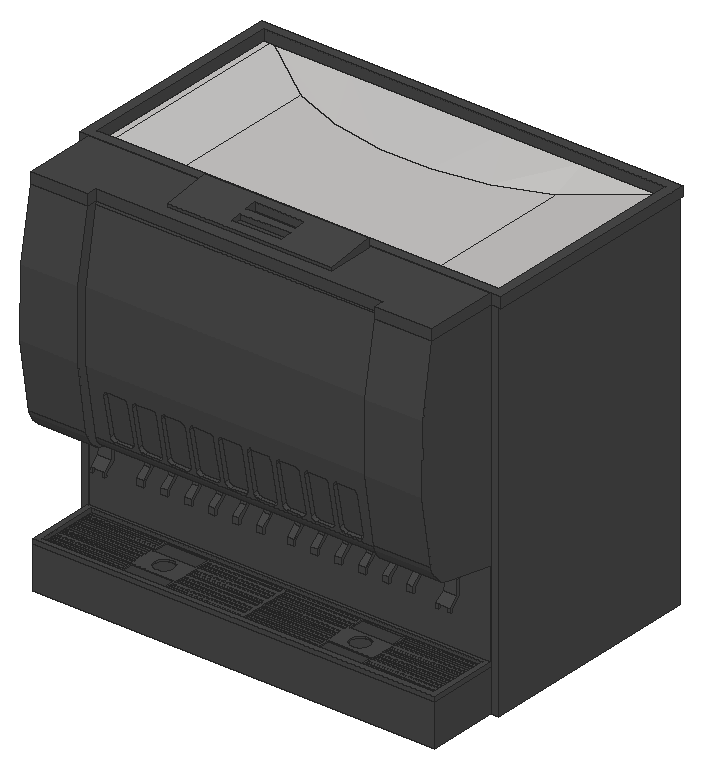
Revit family "QF_LANCER_SENSATION44", category Specialty Equipment, Revit 2015
Parameters
  Weight in Pounds = 745
  Watts = if(Phase = 3, Volts * FL Amps * 1.73, Volts * FL Amps)  # 690 W
  Waste Water Discharge Temperature = -459.67 °F
  Volts = 115 V
  URL Cutsheet = ""
  Specification by User = ""
  Specification by Manufacturer = ""
  Serial Number = ""
  Seismic Rating = ""
  SMACNA No = ""
  Revision Code = ""
  Plumbing Remarks = ""
  Plumbing Connection Type = ""
  Phase = 1
  Number of Poles = 1
  NAFEM Spec ID Number = ""
  Model = "SENSATION 44"
  Min Ckt Ampacity = 0 A
  Max Overcurrent Protection = 0 A
  Material and Finishes = QF_Plastic - Black - Matte
  Masterspec = ""
  Manufacturer = "LANCER"
  Length = 44.00"
  Item Number = ""
  Installed By = ""
  Indirect Waste Size = 1 1/2"
  Indirect Waste Connection Type = ""
  Indirect Waste Connection Height = 0.00"
  Identify Quantity as Lot = yes
  Height = 39.38"
  HP = ""
  Furnished By = ""
  Foodservice Equipment Identifier = yes
  FL Amps = 6 A
  Electrical Remarks = ""
  Electric Connection Type = ""
  Elec Conn RI Height = 0.00"
  Elec Conn Connection Height = 0.00"
  Description = "12 VALVE CHEWABLE ICE BEVERAGE DISPENSER"
  Depth = 31.13"
  Cycle = 60 Hz
  Conn Plug = ""
  Conn Conduit = yes
  Cold Water Temperature Recommended = -459.67 °F
  Cold Water Size = 3/8"
  Cold Water RI Height = 0.00"
  Cold Water Minimum Pressure = 0.00 psi
  Cold Water Maximum Pressure = 0.00 psi
  Cold Water Flow = 0 GPM
  Cold Water Consumption = ""
  Cold Water Connection Height = 0.00"
  CSI MasterFormat = ""
  Apparent Power = if(Phase = 3, Volts * FL Amps * 1.73, Volts * FL Amps)  # 690 VA
Reference planes (in)
  plane 1 "BACK": y = 0
  plane 2: z = 0
  plane 3 "LEFT": x = 0
  plane 4 "RIGHT": x = 44
  plane 5 "FRONT": y = -31.13
  plane 6 "TOP": z = 39.38
  plane 7 "Center Y": x = 22
  plane 8 "Center X": y = -15.565
  plane 9: y = -23.64038
Forms (in)
  Extrusion 1, solid, material "QF_Plastic - Black - Smooth"
    sketch origin (0, 0, 0) x (0, 1, 0) y (0, 0, 1)
      loop
        line (-23.75, 38.27297) -> (-31.44694, 38.27297)
        arc (-31.44694, 38.27297) -> (-32.90625, 27.686) -> (-31.6352, 17.07478) r 41.82941
        arc (-31.6352, 17.07478) -> (-30.76922, 15.61208) -> (-29.24743, 14.85475) r 3
        line (-29.24743, 14.85475) -> (-23.75, 13.88541) -> (-23.75, 38.27297)
    from 1 to 7
  Extrusion 2, solid, material "QF_Plastic - Black - Smooth"
    sketch origin (44, 0, 0) x (0, 1, 0) y (0, 0, -1)
      loop
        line (-23.75, -38.27297) -> (-23.75, -13.88541) -> (-29.24743, -14.85475)
        arc (-29.24743, -14.85475) -> (-30.76922, -15.61208) -> (-31.6352, -17.07478) r 3
        arc (-31.6352, -17.07478) -> (-32.90625, -27.686) -> (-31.44694, -38.27297) r 41.82941
        line (-31.44694, -38.27297) -> (-23.75, -38.27297)
    from 1 to 7
  Extrusion 3, solid, material "QF_Plastic - Black - Smooth"
    sketch origin (0, 0, 0) x (0, 1, 0) y (0, 0, 1)
      loop
        arc (-30.48639, 16.21937) -> (-29.91612, 15.28343) -> (-28.93286, 14.79928) r 1.9624
        line (-28.93286, 14.79928) -> (-23.75, 13.88541) -> (-23.75, 38.27297) -> (-30.41948, 38.27297)
        arc (-30.41948, 38.27297) -> (-30.45278, 38.18128) -> (-30.48091, 38.08787) r 1.75
        arc (-30.48091, 38.08787) -> (-31.93805, 27.15399) -> (-30.48639, 16.21937) r 41.82941
    from 7 to 37
  Extrusion 4, solid, material "QF_Plastic - Black - Smooth"
    sketch origin (0, -23.64038, 38.27297) x (0, -1, 0) y (1, 0, 0)
      loop
        line (7.80656, 1) -> (7.80656, 7) -> (6.7791, 7) -> (6.7791, 37) -> (7.80656, 37) -> (7.80656, 43) -> (0.10962, 43) -> (0.10962, 1) -> (7.80656, 1)
    from 0 to 1.10703
  Extrusion 5, solid, material "QF_Plastic - Black - Smooth"
    sketch origin (-38.39759, -180, 39.38) x (-1, 0, 0) y (0, -1, 0)
      loop
        line (-38.39759, -180) -> (-38.39759, -156.25) -> (-82.39759, -156.25) -> (-82.39759, -180) -> (-38.39759, -180)
      loop
        line (-39.39759, -179) -> (-39.39759, -157.25) -> (-81.39759, -157.25) -> (-81.39759, -179) -> (-39.39759, -179)
    from 0 to -1.10703
  Extrusion 6, solid, material "QF_Metal - Stainless - Polished"
    sketch origin (-38.39759, -180, 38.27297) x (0, -1, 0) y (-1, 0, 0)
      loop
        line (-180, -81.39759) -> (-156.25, -81.39759) -> (-156.25, -39.39759) -> (-180, -39.39759) -> (-180, -81.39759)
    from 0 to 38.27297
  Blend 7, void
    base sketch origin (-38.39759, -180, 38.27297) x (0, -1, 0) y (1, 0, 0)
      loop
        line (-157, 40.14759) -> (-157, 80.64759) -> (-179.25, 80.64759) -> (-179.25, 40.14759) -> (-157, 40.14759)
    top sketch origin (-38.39759, -180, 38.27297) x (0, -1, 0) y (1, 0, 0)
      loop
        line (-159.70427, 72.96255) -> (-175.18678, 72.96255)
        arc (-175.18678, 72.96255) -> (-172.13181, 59.64868) -> (-175.18182, 46.33367) r 30.56393
        line (-175.18182, 46.33367) -> (-159.70427, 46.33367) -> (-159.70427, 72.96255)
    from 0 to -1
  Extrusion 8, solid, material "QF_Plastic - Black - Matte" <- "Material and Finishes"
    sketch origin (0, 0, 0) x (1, 0, 0) y (0, 0, 1)
      loop
        line (0.25, 38.27297) -> (0.25, 0) -> (1, 0) -> (1, 38.27297) -> (0.25, 38.27297)
      loop
        line (43.75, 38.27297) -> (43, 38.27297) -> (43, 0) -> (43.75, 0) -> (43.75, 38.27297)
    from 0 to 23.75
  Extrusion 9, solid, material "QF_Plastic - Black - Matte"
    sketch origin (0, 0, 0) x (1, 0, 0) y (0, 1, 0)
      loop
        line (1, -23.75) -> (1, -31.13) -> (43, -31.13) -> (43, -23.75) -> (1, -23.75)
      loop
        line (1.5, -24.15076) -> (1.5, -30.63) -> (42.5, -30.63) -> (42.5, -24.15076) -> (1.5, -24.15076)
    from 4.35809 to 4.85809
  Extrusion 10, solid, material "QF_Plastic - Black - Matte" <- "Material and Finishes"
    sketch origin (0, 0, 0) x (1, 0, 0) y (0, 1, 0)
      loop
        line (1, -23.75) -> (1, -31.13) -> (43, -31.13) -> (43, -23.75) -> (1, -23.75)
      loop
        line (1.5, -24.15076) -> (1.5, -30.63) -> (42.5, -30.63) -> (42.5, -24.15076) -> (1.5, -24.15076)
    from 4.35809 to 0
  Extrusion 11, solid, material "QF_Metal - Stainless - Polished"
    sketch origin (0, 0, 0) x (0, 1, 0) y (1, 0, 0)
      loop
        line (-24.15076, 1.5) -> (-24.15076, 42.5) -> (-30.63, 42.5) -> (-30.63, 1.5) -> (-24.15076, 1.5)
    from 0 to -0.13
  Extrusion 12, solid, material "QF_Plastic - Black - Matte"
    sketch origin (0, 0, 4.35809) x (1, 0, 0) y (0, 1, 0)
      loop
        line (1.5, -30.63) -> (42.5, -30.63) -> (42.5, -24.15076) -> (1.5, -24.15076) -> (1.5, -30.63)
      loop
        circle (11.75, -27.39038) r 1
      loop
        line (1.6994, -27.26538) -> (1.6994, -27.51538) -> (9.3244, -27.51538) -> (9.3244, -27.26538) -> (1.6994, -27.26538)
      loop
        line (1.6994, -26.76538) -> (1.6994, -27.01538) -> (9.3244, -27.01538) -> (9.3244, -26.76538) -> (1.6994, -26.76538)
      loop
        line (1.6994, -26.26538) -> (1.6994, -26.51538) -> (9.3244, -26.51538) -> (9.3244, -26.26538) -> (1.6994, -26.26538)
      loop
        line (1.6994, -25.76538) -> (1.6994, -26.01538) -> (9.3244, -26.01538) -> (9.3244, -25.76538) -> (1.6994, -25.76538)
      loop
        line (1.6994, -25.26538) -> (1.6994, -25.51538) -> (9.3244, -25.51538) -> (9.3244, -25.26538) -> (1.6994, -25.26538)
      loop
        line (1.6994, -24.76538) -> (1.6994, -25.01538) -> (9.3244, -25.01538) -> (9.3244, -24.76538) -> (1.6994, -24.76538)
      loop
        line (1.6994, -24.26538) -> (1.6994, -24.51538) -> (9.3244, -24.51538) -> (9.3244, -24.26538) -> (1.6994, -24.26538)
      loop
        line (1.6994, -28.01538) -> (9.3244, -28.01538) -> (9.3244, -27.76538) -> (1.6994, -27.76538) -> (1.6994, -28.01538)
      loop
        line (1.6994, -28.51538) -> (9.3244, -28.51538) -> (9.3244, -28.26538) -> (1.6994, -28.26538) -> (1.6994, -28.51538)
      loop
        line (1.6994, -29.01538) -> (9.3244, -29.01538) -> (9.3244, -28.76538) -> (1.6994, -28.76538) -> (1.6994, -29.01538)
      loop
        line (1.6994, -29.51538) -> (9.3244, -29.51538) -> (9.3244, -29.26538) -> (1.6994, -29.26538) -> (1.6994, -29.51538)
      loop
        line (1.6994, -30.01538) -> (9.3244, -30.01538) -> (9.3244, -29.76538) -> (1.6994, -29.76538) -> (1.6994, -30.01538)
      loop
        line (1.6994, -30.51538) -> (9.3244, -30.51538) -> (9.3244, -30.26538) -> (1.6994, -30.26538) -> (1.6994, -30.51538)
      loop
        circle (32.25, -27.39038) r 1
      loop
        line (21.8006, -27.26538) -> (14.1756, -27.26538) -> (14.1756, -27.51538) -> (21.8006, -27.51538) -> (21.8006, -27.26538)
      loop
        line (21.8006, -26.76538) -> (14.1756, -26.76538) -> (14.1756, -27.01538) -> (21.8006, -27.01538) -> (21.8006, -26.76538)
      loop
        line (21.8006, -26.26538) -> (14.1756, -26.26538) -> (14.1756, -26.51538) -> (21.8006, -26.51538) -> (21.8006, -26.26538)
      loop
        line (21.8006, -25.76538) -> (14.1756, -25.76538) -> (14.1756, -26.01538) -> (21.8006, -26.01538) -> (21.8006, -25.76538)
      loop
        line (21.8006, -25.26538) -> (14.1756, -25.26538) -> (14.1756, -25.51538) -> (21.8006, -25.51538) -> (21.8006, -25.26538)
      loop
        line (21.8006, -24.76538) -> (14.1756, -24.76538) -> (14.1756, -25.01538) -> (21.8006, -25.01538) -> (21.8006, -24.76538)
      loop
        line (21.8006, -24.26538) -> (14.1756, -24.26538) -> (14.1756, -24.51538) -> (21.8006, -24.51538) -> (21.8006, -24.26538)
      loop
        line (21.8006, -28.01538) -> (21.8006, -27.76538) -> (14.1756, -27.76538) -> (14.1756, -28.01538) -> (21.8006, -28.01538)
      loop
        line (21.8006, -28.51538) -> (21.8006, -28.26538) -> (14.1756, -28.26538) -> (14.1756, -28.51538) -> (21.8006, -28.51538)
      loop
        line (21.8006, -29.01538) -> (21.8006, -28.76538) -> (14.1756, -28.76538) -> (14.1756, -29.01538) -> (21.8006, -29.01538)
      loop
        line (21.8006, -29.51538) -> (21.8006, -29.26538) -> (14.1756, -29.26538) -> (14.1756, -29.51538) -> (21.8006, -29.51538)
      loop
        line (21.8006, -30.01538) -> (21.8006, -29.76538) -> (14.1756, -29.76538) -> (14.1756, -30.01538) -> (21.8006, -30.01538)
      loop
        line (21.8006, -30.51538) -> (21.8006, -30.26538) -> (14.1756, -30.26538) -> (14.1756, -30.51538) -> (21.8006, -30.51538)
      loop
        line (22.1994, -27.26538) -> (22.1994, -27.51538) -> (29.8244, -27.51538) -> (29.8244, -27.26538) -> (22.1994, -27.26538)
      loop
        line (22.1994, -26.76538) -> (22.1994, -27.01538) -> (29.8244, -27.01538) -> (29.8244, -26.76538) -> (22.1994, -26.76538)
      loop
        line (22.1994, -26.26538) -> (22.1994, -26.51538) -> (29.8244, -26.51538) -> (29.8244, -26.26538) -> (22.1994, -26.26538)
      loop
        line (22.1994, -25.76538) -> (22.1994, -26.01538) -> (29.8244, -26.01538) -> (29.8244, -25.76538) -> (22.1994, -25.76538)
      loop
        line (22.1994, -25.26538) -> (22.1994, -25.51538) -> (29.8244, -25.51538) -> (29.8244, -25.26538) -> (22.1994, -25.26538)
      loop
        line (22.1994, -24.76538) -> (22.1994, -25.01538) -> (29.8244, -25.01538) -> (29.8244, -24.76538) -> (22.1994, -24.76538)
      loop
        line (22.1994, -24.26538) -> (22.1994, -24.51538) -> (29.8244, -24.51538) -> (29.8244, -24.26538) -> (22.1994, -24.26538)
      loop
        line (22.1994, -28.01538) -> (29.8244, -28.01538) -> (29.8244, -27.76538) -> (22.1994, -27.76538) -> (22.1994, -28.01538)
      loop
        line (22.1994, -28.51538) -> (29.8244, -28.51538) -> (29.8244, -28.26538) -> (22.1994, -28.26538) -> (22.1994, -28.51538)
      loop
        line (22.1994, -29.01538) -> (29.8244, -29.01538) -> (29.8244, -28.76538) -> (22.1994, -28.76538) -> (22.1994, -29.01538)
      loop
        line (22.1994, -29.51538) -> (29.8244, -29.51538) -> (29.8244, -29.26538) -> (22.1994, -29.26538) -> (22.1994, -29.51538)
      loop
        line (22.1994, -30.01538) -> (29.8244, -30.01538) -> (29.8244, -29.76538) -> (22.1994, -29.76538) -> (22.1994, -30.01538)
      loop
        line (22.1994, -30.51538) -> (29.8244, -30.51538) -> (29.8244, -30.26538) -> (22.1994, -30.26538) -> (22.1994, -30.51538)
      loop
        line (42.3006, -27.26538) -> (34.6756, -27.26538) -> (34.6756, -27.51538) -> (42.3006, -27.51538) -> (42.3006, -27.26538)
      loop
        line (42.3006, -26.76538) -> (34.6756, -26.76538) -> (34.6756, -27.01538) -> (42.3006, -27.01538) -> (42.3006, -26.76538)
      loop
        line (42.3006, -26.26538) -> (34.6756, -26.26538) -> (34.6756, -26.51538) -> (42.3006, -26.51538) -> (42.3006, -26.26538)
      loop
        line (42.3006, -25.76538) -> (34.6756, -25.76538) -> (34.6756, -26.01538) -> (42.3006, -26.01538) -> (42.3006, -25.76538)
      loop
        line (42.3006, -25.26538) -> (34.6756, -25.26538) -> (34.6756, -25.51538) -> (42.3006, -25.51538) -> (42.3006, -25.26538)
      loop
        line (42.3006, -24.76538) -> (34.6756, -24.76538) -> (34.6756, -25.01538) -> (42.3006, -25.01538) -> (42.3006, -24.76538)
      loop
        line (42.3006, -24.26538) -> (34.6756, -24.26538) -> (34.6756, -24.51538) -> (42.3006, -24.51538) -> (42.3006, -24.26538)
      loop
        line (42.3006, -28.01538) -> (42.3006, -27.76538) -> (34.6756, -27.76538) -> (34.6756, -28.01538) -> (42.3006, -28.01538)
      loop
        line (42.3006, -28.51538) -> (42.3006, -28.26538) -> (34.6756, -28.26538) -> (34.6756, -28.51538) -> (42.3006, -28.51538)
      loop
        line (42.3006, -29.01538) -> (42.3006, -28.76538) -> (34.6756, -28.76538) -> (34.6756, -29.01538) -> (42.3006, -29.01538)
      loop
        line (42.3006, -29.51538) -> (42.3006, -29.26538) -> (34.6756, -29.26538) -> (34.6756, -29.51538) -> (42.3006, -29.51538)
      loop
        line (42.3006, -30.01538) -> (42.3006, -29.76538) -> (34.6756, -29.76538) -> (34.6756, -30.01538) -> (42.3006, -30.01538)
      loop
        line (42.3006, -30.51538) -> (42.3006, -30.26538) -> (34.6756, -30.26538) -> (34.6756, -30.51538) -> (42.3006, -30.51538)
      loop
        line (9.50184, -24.26538) -> (9.50184, -26.01538) -> (13.99816, -26.01538) -> (13.99816, -24.26538) -> (9.50184, -24.26538)
      loop
        line (9.50184, -28.76538) -> (9.50184, -30.51538) -> (13.99816, -30.51538) -> (13.99816, -28.76538) -> (9.50184, -28.76538)
      loop
        line (34.49816, -24.26538) -> (30.00184, -24.26538) -> (30.00184, -26.01538) -> (34.49816, -26.01538) -> (34.49816, -24.26538)
      loop
        line (34.49816, -28.76538) -> (30.00184, -28.76538) -> (30.00184, -30.51538) -> (34.49816, -30.51538) -> (34.49816, -28.76538)
    from 0 to 0.13
  Extrusion 13, solid, material "QF_Plastic - Black - Smooth"
    sketch origin (0, 0, 0) x (0, 1, 0) y (0, 0, 1)
      loop
        line (-24.41209, 14.00215) -> (-24.74723, 11.27265) -> (-25.70479, 10.46917) -> (-25.70479, 9.83614) -> (-25.54409, 9.83614) -> (-25.54409, 10.27765) -> (-24.5111, 11.14444) -> (-24.16555, 13.95868) -> (-24.41209, 14.00215)
    from 7.58687 to 8.23447
  Revolve 14, solid, material "QF_Plastic - Black - Smooth"
    sketch origin (0, -27.125, 0) x (1, 0, 0) y (0, 0, 1)
      loop
        line (7.21787, 14.57842) -> (7.42608, 13.97374) -> (7.79382, 13.97374) -> (7.79382, 16.02395) -> (7.21787, 16.02395) -> (7.21787, 14.57842)
      axis (7.91067, 13.97374) -> (7.91067, 16.02395)
    angle from 0 to 360
  Extrusion 15, solid, material "QF_Plastic - Black - Smooth", not visible
    sketch origin (0, 0, 0) x (0, 1, 0) y (0, 0, 1)
      loop
        line (-24.41209, 14.00215) -> (-24.74723, 11.27265) -> (-25.70479, 10.46917) -> (-25.70479, 9.83614) -> (-25.54409, 9.83614) -> (-25.54409, 10.27765) -> (-24.5111, 11.14444) -> (-24.16555, 13.95868) -> (-24.41209, 14.00215)
    from 7.58687 to 8.23447
  Revolve 16, solid, material "QF_Plastic - Black - Smooth", not visible
    sketch origin (0, -27.125, 0) x (1, 0, 0) y (0, 0, 1)
      loop
        line (7.21787, 14.57842) -> (7.42608, 13.97374) -> (7.79382, 13.97374) -> (7.79382, 16.02395) -> (7.21787, 16.02395) -> (7.21787, 14.57842)
      axis (7.91067, 13.97374) -> (7.91067, 16.02395)
    angle from 0 to 360
  Extrusion 17, solid, material "QF_Plastic - Black - Smooth"
    sketch origin (2.5, 0, 0) x (0, 1, 0) y (0, 0, 1)
      loop
        line (-24.41209, 14.00215) -> (-24.74723, 11.27265) -> (-25.70479, 10.46917) -> (-25.70479, 9.83614) -> (-25.54409, 9.83614) -> (-25.54409, 10.27765) -> (-24.5111, 11.14444) -> (-24.16555, 13.95868) -> (-24.41209, 14.00215)
    from 7.58687 to 8.23447
  Revolve 18, solid, material "QF_Plastic - Black - Smooth"
    sketch origin (2.5, -27.125, 0) x (1, 0, 0) y (0, 0, 1)
      loop
        line (7.21787, 14.57842) -> (7.42608, 13.97374) -> (7.79382, 13.97374) -> (7.79382, 16.02395) -> (7.21787, 16.02395) -> (7.21787, 14.57842)
      axis (7.91067, 13.97374) -> (7.91067, 16.02395)
    angle from 0 to 360
  Extrusion 19, solid, material "QF_Plastic - Black - Smooth"
    sketch origin (5, 0, 0) x (0, 1, 0) y (0, 0, 1)
      loop
        line (-24.41209, 14.00215) -> (-24.74723, 11.27265) -> (-25.70479, 10.46917) -> (-25.70479, 9.83614) -> (-25.54409, 9.83614) -> (-25.54409, 10.27765) -> (-24.5111, 11.14444) -> (-24.16555, 13.95868) -> (-24.41209, 14.00215)
    from 7.58687 to 8.23447
  Revolve 20, solid, material "QF_Plastic - Black - Smooth"
    sketch origin (5, -27.125, 0) x (1, 0, 0) y (0, 0, 1)
      loop
        line (7.21787, 14.57842) -> (7.42608, 13.97374) -> (7.79382, 13.97374) -> (7.79382, 16.02395) -> (7.21787, 16.02395) -> (7.21787, 14.57842)
      axis (7.91067, 13.97374) -> (7.91067, 16.02395)
    angle from 0 to 360
  Extrusion 21, solid, material "QF_Plastic - Black - Smooth"
    sketch origin (7.5, 0, 0) x (0, 1, 0) y (0, 0, 1)
      loop
        line (-24.41209, 14.00215) -> (-24.74723, 11.27265) -> (-25.70479, 10.46917) -> (-25.70479, 9.83614) -> (-25.54409, 9.83614) -> (-25.54409, 10.27765) -> (-24.5111, 11.14444) -> (-24.16555, 13.95868) -> (-24.41209, 14.00215)
    from 7.58687 to 8.23447
  Revolve 22, solid, material "QF_Plastic - Black - Smooth"
    sketch origin (7.5, -27.125, 0) x (1, 0, 0) y (0, 0, 1)
      loop
        line (7.21787, 14.57842) -> (7.42608, 13.97374) -> (7.79382, 13.97374) -> (7.79382, 16.02395) -> (7.21787, 16.02395) -> (7.21787, 14.57842)
      axis (7.91067, 13.97374) -> (7.91067, 16.02395)
    angle from 0 to 360
  Extrusion 23, solid, material "QF_Plastic - Black - Smooth"
    sketch origin (10, 0, 0) x (0, 1, 0) y (0, 0, 1)
      loop
        line (-24.41209, 14.00215) -> (-24.74723, 11.27265) -> (-25.70479, 10.46917) -> (-25.70479, 9.83614) -> (-25.54409, 9.83614) -> (-25.54409, 10.27765) -> (-24.5111, 11.14444) -> (-24.16555, 13.95868) -> (-24.41209, 14.00215)
    from 7.58687 to 8.23447
  Revolve 24, solid, material "QF_Plastic - Black - Smooth"
    sketch origin (10, -27.125, 0) x (1, 0, 0) y (0, 0, 1)
      loop
        line (7.21787, 14.57842) -> (7.42608, 13.97374) -> (7.79382, 13.97374) -> (7.79382, 16.02395) -> (7.21787, 16.02395) -> (7.21787, 14.57842)
      axis (7.91067, 13.97374) -> (7.91067, 16.02395)
    angle from 0 to 360
  Extrusion 25, solid, material "QF_Plastic - Black - Smooth"
    sketch origin (12.5, 0, 0) x (0, 1, 0) y (0, 0, 1)
      loop
        line (-24.41209, 14.00215) -> (-24.74723, 11.27265) -> (-25.70479, 10.46917) -> (-25.70479, 9.83614) -> (-25.54409, 9.83614) -> (-25.54409, 10.27765) -> (-24.5111, 11.14444) -> (-24.16555, 13.95868) -> (-24.41209, 14.00215)
    from 7.58687 to 8.23447
  Revolve 26, solid, material "QF_Plastic - Black - Smooth"
    sketch origin (12.5, -27.125, 0) x (1, 0, 0) y (0, 0, 1)
      loop
        line (7.21787, 14.57842) -> (7.42608, 13.97374) -> (7.79382, 13.97374) -> (7.79382, 16.02395) -> (7.21787, 16.02395) -> (7.21787, 14.57842)
      axis (7.91067, 13.97374) -> (7.91067, 16.02395)
    angle from 0 to 360
  Extrusion 27, solid, material "QF_Plastic - Black - Smooth"
    sketch origin (28.17866, 0, 0) x (0, 1, 0) y (0, 0, 1)
      loop
        line (-24.41209, 14.00215) -> (-24.74723, 11.27265) -> (-25.70479, 10.46917) -> (-25.70479, 9.83614) -> (-25.54409, 9.83614) -> (-25.54409, 10.27765) -> (-24.5111, 11.14444) -> (-24.16555, 13.95868) -> (-24.41209, 14.00215)
    from 7.58687 to 8.23447
  Revolve 28, solid, material "QF_Plastic - Black - Smooth"
    sketch origin (28.17866, -27.125, 0) x (1, 0, 0) y (0, 0, 1)
      loop
        line (7.21787, 14.57842) -> (7.42608, 13.97374) -> (7.79382, 13.97374) -> (7.79382, 16.02395) -> (7.21787, 16.02395) -> (7.21787, 14.57842)
      axis (7.91067, 13.97374) -> (7.91067, 16.02395)
    angle from 0 to 360
  Extrusion 29, solid, material "QF_Plastic - Black - Smooth"
    sketch origin (25.67866, 0, 0) x (0, 1, 0) y (0, 0, 1)
      loop
        line (-24.41209, 14.00215) -> (-24.74723, 11.27265) -> (-25.70479, 10.46917) -> (-25.70479, 9.83614) -> (-25.54409, 9.83614) -> (-25.54409, 10.27765) -> (-24.5111, 11.14444) -> (-24.16555, 13.95868) -> (-24.41209, 14.00215)
    from 7.58687 to 8.23447
  Revolve 30, solid, material "QF_Plastic - Black - Smooth"
    sketch origin (25.67866, -27.125, 0) x (1, 0, 0) y (0, 0, 1)
      loop
        line (7.21787, 14.57842) -> (7.42608, 13.97374) -> (7.79382, 13.97374) -> (7.79382, 16.02395) -> (7.21787, 16.02395) -> (7.21787, 14.57842)
      axis (7.91067, 13.97374) -> (7.91067, 16.02395)
    angle from 0 to 360
  Extrusion 31, solid, material "QF_Plastic - Black - Smooth"
    sketch origin (23.17866, 0, 0) x (0, 1, 0) y (0, 0, 1)
      loop
        line (-24.41209, 14.00215) -> (-24.74723, 11.27265) -> (-25.70479, 10.46917) -> (-25.70479, 9.83614) -> (-25.54409, 9.83614) -> (-25.54409, 10.27765) -> (-24.5111, 11.14444) -> (-24.16555, 13.95868) -> (-24.41209, 14.00215)
    from 7.58687 to 8.23447
  Revolve 32, solid, material "QF_Plastic - Black - Smooth"
    sketch origin (23.17866, -27.125, 0) x (1, 0, 0) y (0, 0, 1)
      loop
        line (7.21787, 14.57842) -> (7.42608, 13.97374) -> (7.79382, 13.97374) -> (7.79382, 16.02395) -> (7.21787, 16.02395) -> (7.21787, 14.57842)
      axis (7.91067, 13.97374) -> (7.91067, 16.02395)
    angle from 0 to 360
  Extrusion 33, solid, material "QF_Plastic - Black - Smooth"
    sketch origin (20.67866, 0, 0) x (0, 1, 0) y (0, 0, 1)
      loop
        line (-24.41209, 14.00215) -> (-24.74723, 11.27265) -> (-25.70479, 10.46917) -> (-25.70479, 9.83614) -> (-25.54409, 9.83614) -> (-25.54409, 10.27765) -> (-24.5111, 11.14444) -> (-24.16555, 13.95868) -> (-24.41209, 14.00215)
    from 7.58687 to 8.23447
  Revolve 34, solid, material "QF_Plastic - Black - Smooth"
    sketch origin (20.67866, -27.125, 0) x (1, 0, 0) y (0, 0, 1)
      loop
        line (7.21787, 14.57842) -> (7.42608, 13.97374) -> (7.79382, 13.97374) -> (7.79382, 16.02395) -> (7.21787, 16.02395) -> (7.21787, 14.57842)
      axis (7.91067, 13.97374) -> (7.91067, 16.02395)
    angle from 0 to 360
  Extrusion 35, solid, material "QF_Plastic - Black - Smooth"
    sketch origin (18.17866, 0, 0) x (0, 1, 0) y (0, 0, 1)
      loop
        line (-24.41209, 14.00215) -> (-24.74723, 11.27265) -> (-25.70479, 10.46917) -> (-25.70479, 9.83614) -> (-25.54409, 9.83614) -> (-25.54409, 10.27765) -> (-24.5111, 11.14444) -> (-24.16555, 13.95868) -> (-24.41209, 14.00215)
    from 7.58687 to 8.23447
  Revolve 36, solid, material "QF_Plastic - Black - Smooth"
    sketch origin (18.17866, -27.125, 0) x (1, 0, 0) y (0, 0, 1)
      loop
        line (7.21787, 14.57842) -> (7.42608, 13.97374) -> (7.79382, 13.97374) -> (7.79382, 16.02395) -> (7.21787, 16.02395) -> (7.21787, 14.57842)
      axis (7.91067, 13.97374) -> (7.91067, 16.02395)
    angle from 0 to 360
  Extrusion 37, solid, material "QF_Plastic - Black - Smooth"
    sketch origin (15.67866, 0, 0) x (0, 1, 0) y (0, 0, 1)
      loop
        line (-24.41209, 14.00215) -> (-24.74723, 11.27265) -> (-25.70479, 10.46917) -> (-25.70479, 9.83614) -> (-25.54409, 9.83614) -> (-25.54409, 10.27765) -> (-24.5111, 11.14444) -> (-24.16555, 13.95868) -> (-24.41209, 14.00215)
    from 7.58687 to 8.23447
  Revolve 38, solid, material "QF_Plastic - Black - Smooth"
    sketch origin (15.67866, -27.125, 0) x (1, 0, 0) y (0, 0, 1)
      loop
        line (7.21787, 14.57842) -> (7.42608, 13.97374) -> (7.79382, 13.97374) -> (7.79382, 16.02395) -> (7.21787, 16.02395) -> (7.21787, 14.57842)
      axis (7.91067, 13.97374) -> (7.91067, 16.02395)
    angle from 0 to 360
  Extrusion 39, solid, material "QF_Plastic - Black - Smooth"
    sketch origin (0, 0, 0) x (0, 1, 0) y (0, 0, 1)
      loop
        line (-25.02385, 14.11002) -> (-25.40646, 10.99393) -> (-26.32979, 10.21917) -> (-26.32979, 9.58614) -> (-26.16909, 9.58614) -> (-26.16909, 10.02765) -> (-25.17032, 10.86572) -> (-24.77731, 14.06655) -> (-25.02385, 14.11002)
    from 3.08521 to 4.8212
  Extrusion 40, void
    sketch origin (0, 0, 0) x (1, 0, 0) y (0, 0, 1)
      loop
        line (3.17354, 9.77447) -> (3.48744, 14.26351) -> (2.83741, 14.26351) -> (2.83741, 9.26351) -> (5.069, 9.26351) -> (5.069, 14.26351) -> (4.41896, 14.26351) -> (4.73287, 9.77447) -> (4.44928, 9.77447) -> (4.44928, 10.21917) -> (3.45713, 10.21917) -> (3.45713, 9.77447) -> (3.17354, 9.77447)
      loop
        line (40.82646, 9.77447) -> (40.54287, 9.77447) -> (40.54287, 10.21917) -> (39.55072, 10.21917) -> (39.55072, 9.77447) -> (39.26713, 9.77447) -> (39.58104, 14.26351) -> (38.931, 14.26351) -> (38.931, 9.26351) -> (41.16259, 9.26351) -> (41.16259, 14.26351) -> (40.51256, 14.26351) -> (40.82646, 9.77447)
    from 23.64038 to 27.16426
  Extrusion 41, solid, material "QF_Plastic - Black - Smooth"
    sketch origin (-0.04072, 0, 0) x (1, 0, 0) y (0, 0, 1)
      loop
        line (2.61892, 13.86608) -> (5.36892, 13.86608) -> (5.36892, 15.36608) -> (2.61892, 15.36608) -> (2.61892, 13.86608)
    from 23.75 to 25.70479
  Extrusion 42, solid, material "QF_Plastic - Black - Smooth"
    sketch origin (44, 0, 0) x (0, 1, 0) y (0, 0, -1)
      loop
        line (-25.02385, -14.11002) -> (-24.77731, -14.06655) -> (-25.17032, -10.86572) -> (-26.16909, -10.02765) -> (-26.16909, -9.58614) -> (-26.32979, -9.58614) -> (-26.32979, -10.21917) -> (-25.40646, -10.99393) -> (-25.02385, -14.11002)
    from 3.08521 to 4.8212
  Extrusion 43, solid, material "QF_Plastic - Black - Smooth"
    sketch origin (44.04072, 0, 0) x (-1, 0, 0) y (0, 0, -1)
      loop
        line (2.61892, -13.86608) -> (2.61892, -15.36608) -> (5.36892, -15.36608) -> (5.36892, -13.86608) -> (2.61892, -13.86608)
    from 23.75 to 25.70479
  Extrusion 44, void
    sketch origin (0, -27.104, 1.69038) x (1, 0, 0) y (0, -0.207912, 0.978148)
      loop
        arc (21.25, 20.39617) -> (20.89645, 20.24972) -> (20.75, 19.89617) r 0.5
        line (20.75, 19.89617) -> (20.75, 15.64617)
        arc (20.75, 15.64617) -> (20.89645, 15.29261) -> (21.25, 15.14617) r 0.5
        line (21.25, 15.14617) -> (22.75, 15.14617)
        arc (22.75, 15.14617) -> (23.10355, 15.29261) -> (23.25, 15.64617) r 0.5
        line (23.25, 15.64617) -> (23.25, 19.89617)
        arc (23.25, 19.89617) -> (23.10355, 20.24972) -> (22.75, 20.39617) r 0.5
        line (22.75, 20.39617) -> (21.25, 20.39617)
      loop
        arc (18.25, 20.39617) -> (17.89645, 20.24972) -> (17.75, 19.89617) r 0.5
        line (17.75, 19.89617) -> (17.75, 15.64617)
        arc (17.75, 15.64617) -> (17.89645, 15.29261) -> (18.25, 15.14617) r 0.5
        line (18.25, 15.14617) -> (19.75, 15.14617)
        arc (19.75, 15.14617) -> (20.10355, 15.29261) -> (20.25, 15.64617) r 0.5
        line (20.25, 15.64617) -> (20.25, 19.89617)
        arc (20.25, 19.89617) -> (20.10355, 20.24972) -> (19.75, 20.39617) r 0.5
        line (19.75, 20.39617) -> (18.25, 20.39617)
      loop
        arc (15.25, 20.39617) -> (14.89645, 20.24972) -> (14.75, 19.89617) r 0.5
        line (14.75, 19.89617) -> (14.75, 15.64617)
        arc (14.75, 15.64617) -> (14.89645, 15.29261) -> (15.25, 15.14617) r 0.5
        line (15.25, 15.14617) -> (16.75, 15.14617)
        arc (16.75, 15.14617) -> (17.10355, 15.29261) -> (17.25, 15.64617) r 0.5
        line (17.25, 15.64617) -> (17.25, 19.89617)
        arc (17.25, 19.89617) -> (17.10355, 20.24972) -> (16.75, 20.39617) r 0.5
        line (16.75, 20.39617) -> (15.25, 20.39617)
      loop
        arc (12.25, 20.39617) -> (11.89645, 20.24972) -> (11.75, 19.89617) r 0.5
        line (11.75, 19.89617) -> (11.75, 15.64617)
        arc (11.75, 15.64617) -> (11.89645, 15.29261) -> (12.25, 15.14617) r 0.5
        line (12.25, 15.14617) -> (13.75, 15.14617)
        arc (13.75, 15.14617) -> (14.10355, 15.29261) -> (14.25, 15.64617) r 0.5
        line (14.25, 15.64617) -> (14.25, 19.89617)
        arc (14.25, 19.89617) -> (14.10355, 20.24972) -> (13.75, 20.39617) r 0.5
        line (13.75, 20.39617) -> (12.25, 20.39617)
      loop
        arc (9.25, 20.39617) -> (8.89645, 20.24972) -> (8.75, 19.89617) r 0.5
        line (8.75, 19.89617) -> (8.75, 15.64617)
        arc (8.75, 15.64617) -> (8.89645, 15.29261) -> (9.25, 15.14617) r 0.5
        line (9.25, 15.14617) -> (10.75, 15.14617)
        arc (10.75, 15.14617) -> (11.10355, 15.29261) -> (11.25, 15.64617) r 0.5
        line (11.25, 15.64617) -> (11.25, 19.89617)
        arc (11.25, 19.89617) -> (11.10355, 20.24972) -> (10.75, 20.39617) r 0.5
        line (10.75, 20.39617) -> (9.25, 20.39617)
      loop
        line (25.75, 20.39617) -> (24.25, 20.39617)
        arc (24.25, 20.39617) -> (23.89645, 20.24972) -> (23.75, 19.89617) r 0.5
        line (23.75, 19.89617) -> (23.75, 15.64617)
        arc (23.75, 15.64617) -> (23.89645, 15.29261) -> (24.25, 15.14617) r 0.5
        line (24.25, 15.14617) -> (25.75, 15.14617)
        arc (25.75, 15.14617) -> (26.10355, 15.29261) -> (26.25, 15.64617) r 0.5
        line (26.25, 15.64617) -> (26.25, 19.89617)
        arc (26.25, 19.89617) -> (26.10355, 20.24972) -> (25.75, 20.39617) r 0.5
      loop
        line (28.75, 20.39617) -> (27.25, 20.39617)
        arc (27.25, 20.39617) -> (26.89645, 20.24972) -> (26.75, 19.89617) r 0.5
        line (26.75, 19.89617) -> (26.75, 15.64617)
        arc (26.75, 15.64617) -> (26.89645, 15.29261) -> (27.25, 15.14617) r 0.5
        line (27.25, 15.14617) -> (28.75, 15.14617)
        arc (28.75, 15.14617) -> (29.10355, 15.29261) -> (29.25, 15.64617) r 0.5
        line (29.25, 15.64617) -> (29.25, 19.89617)
        arc (29.25, 19.89617) -> (29.10355, 20.24972) -> (28.75, 20.39617) r 0.5
      loop
        line (31.75, 20.39617) -> (30.25, 20.39617)
        arc (30.25, 20.39617) -> (29.89645, 20.24972) -> (29.75, 19.89617) r 0.5
        line (29.75, 19.89617) -> (29.75, 15.64617)
        arc (29.75, 15.64617) -> (29.89645, 15.29261) -> (30.25, 15.14617) r 0.5
        line (30.25, 15.14617) -> (31.75, 15.14617)
        arc (31.75, 15.14617) -> (32.10355, 15.29261) -> (32.25, 15.64617) r 0.5
        line (32.25, 15.64617) -> (32.25, 19.89617)
        arc (32.25, 19.89617) -> (32.10355, 20.24972) -> (31.75, 20.39617) r 0.5
      loop
        line (34.75, 20.39617) -> (33.25, 20.39617)
        arc (33.25, 20.39617) -> (32.89645, 20.24972) -> (32.75, 19.89617) r 0.5
        line (32.75, 19.89617) -> (32.75, 15.64617)
        arc (32.75, 15.64617) -> (32.89645, 15.29261) -> (33.25, 15.14617) r 0.5
        line (33.25, 15.14617) -> (34.75, 15.14617)
        arc (34.75, 15.14617) -> (35.10355, 15.29261) -> (35.25, 15.64617) r 0.5
        line (35.25, 15.64617) -> (35.25, 19.89617)
        arc (35.25, 19.89617) -> (35.10355, 20.24972) -> (34.75, 20.39617) r 0.5
    from -0.09913 to 1.59344
  Extrusion 45, solid, material "QF_Plastic - Black - Smooth"
    sketch origin (0, -23.64038, 39.38) x (0, -1, 0) y (1, 0, 0)
      loop
        line (1.48462, 19.375) -> (2.60606, 19.375) -> (2.60606, 24.625) -> (1.48462, 24.625) -> (1.48462, 19.375)
      loop
        line (3.35701, 19.375) -> (4.47845, 19.375) -> (4.47845, 24.625) -> (3.35701, 24.625) -> (3.35701, 19.375)
      loop
        line (0.50625, 13.43322) -> (5.375, 13.43322) -> (5.375, 30.56678) -> (0.50625, 30.56678) -> (0.50625, 13.43322)
    from 0 to 1
  Extrusion 46, void
    sketch origin (0, 0, 0) x (0, 1, 0) y (0, 0, 1)
      loop
        line (-23.78944, 40.41479) -> (-23.78944, 40.89934) -> (-29.23592, 40.89934) -> (-29.23592, 39.64934) -> (-23.78944, 40.41479)
    from 12.58687 to 31.8212
  Extrusion 47, solid, material "QF_Metal - Stainless - Polished"
    sketch origin (0, 0, 0) x (-1, 0, 0) y (0, 0, 1)
      loop
        circle (-22, 19.69) r 0.5
      loop
        circle (-22, 17.79376) r 0.1875
      loop
        circle (-22, 17.04376) r 0.1875
    from 0 to 0.13
  Extrusion 48, void
    sketch origin (0, 0, 0) x (-1, 0, 0) y (0, 1, 0)
      loop
        circle (-22, -27.38519) r 0.75
    from 0 to -0.13
Cuts and joins
  Extrusion 40 cuts Extrusion 42
  joined: Extrusion 2, Extrusion 42, Extrusion 43
  Extrusion 44 cuts Extrusion 3
  Extrusion 46 cuts Extrusion 45
  Extrusion 48 cuts Extrusion 10
  Extrusion 48 cuts Extrusion 11
  Blend 7 cuts Extrusion 6
  Extrusion 40 cuts Extrusion 39
Lines and regions (in)
  symbolic lines
    curve 1: line (0, -23.75, 0) -> (43.75, -23.75, 0)
    curve 2: line (0, 0, 0) -> (0, -23.75, 0)
    curve 3: line (43.75, 0, 0) -> (0, 0, 0)
    curve 4: line (43.75, -23.75, 0) -> (43.75, 0, 0)
    curve 5: line (1, -1, 0) -> (43, -1, 0)
    curve 6: line (1, -22.75, 0) -> (1, -1, 0)
    curve 7: line (43, -22.75, 0) -> (1, -22.75, 0)
    curve 8: line (43, -1, 0) -> (43, -22.75, 0)
    curve 9: line (1.75, -22.75, 0) -> (1.75, -1, 0)
    curve 10: line (7.93608, -20.29534, 0) -> (2.32188, -22.75, 0)
    curve 11: line (41.53955, -22.75, 0) -> (34.5592, -20.29573, 0)
    curve 12: line (42.25, -22.75, 0) -> (42.25, -1, 0)
    curve 13: line (13.43322, -29.01538, 0) -> (30.56678, -29.01538, 0)
    curve 14: line (13.43322, -24.03701, 0) -> (13.43322, -29.01538, 0)
    curve 15: line (30.56678, -24.03701, 0) -> (13.43322, -24.03701, 0)
    curve 16: line (30.56678, -29.01538, 0) -> (30.56678, -24.03701, 0)
    curve 17: line (19.375, -25.01538, 0) -> (24.625, -25.01538, 0)
    curve 18: line (19.375, -26.13682, 0) -> (19.375, -25.01538, 0)
    curve 19: line (24.625, -26.13682, 0) -> (19.375, -26.13682, 0)
    curve 20: line (24.625, -25.01538, 0) -> (24.625, -26.13682, 0)
    curve 21: line (19.375, -26.88776, 0) -> (24.625, -26.88776, 0)
    curve 22: line (19.375, -28.0092, 0) -> (19.375, -26.88776, 0)
    curve 23: line (24.625, -28.0092, 0) -> (19.375, -28.0092, 0)
    curve 24: line (24.625, -26.88776, 0) -> (24.625, -28.0092, 0)
    curve 25: line (1, -23.75, 0) -> (1, -32.9079, 0)
    curve 26: line (7, -32.9079, 0) -> (1, -32.9079, 0)
    curve 27: line (1, -31.44694, 0) -> (7, -31.44694, 0)
    curve 28: line (7, -32.9079, 0) -> (7, -30.41948, 0)
    curve 29: line (37, -32.9079, 0) -> (37, -30.41948, 0)
    curve 30: line (7, -30.41948, 0) -> (37, -30.41948, 0)
    curve 31: line (7, -31.93805, 0) -> (37, -31.93805, 0)
    curve 32: line (43, -23.75, 0) -> (43, -32.9079, 0)
    curve 33: line (37, -32.9079, 0) -> (43, -32.9079, 0)
    curve 34: line (43, -31.44694, 0) -> (37, -31.44694, 0)
    curve 35: arc (34.5592, -4.81429, 0) -> (21.24818, -7.8679, 0) -> (7.93608, -4.81902, 0) r 30.5626
    curve 36: line (34.5592, -4.81429, 0) -> (41.77716, -1, 0)
    curve 37: line (34.5592, -20.29573, 0) -> (34.5592, -4.81429, 0)
    curve 38: line (7.93608, -4.81902, 0) -> (7.93608, -20.29534, 0)
    curve 39: line (2.13015, -1, 0) -> (7.93608, -4.81902, 0)
    curve 40: line (7.93608, -20.29573, 0) -> (34.5592, -20.29573, 0)
Dimensions and locks (in)
  equal spacing: plane 3 "LEFT", plane 7 "Center Y", plane 4 "RIGHT"
  "Length": plane 3 "LEFT" to plane 4 "RIGHT"
  equal spacing: plane 5 "FRONT", plane 8 "Center X", plane 1 "BACK"
  "Depth": plane 5 "FRONT" to plane 1 "BACK"
  "Height": plane 6 "TOP" to level
  plane 6 "TOP" to level = 39.38"
  equal spacing: plane 6 "TOP", Extrusion 47 sketch curve, level
  Extrusion 8 to plane 1 "BACK" = 23.75"
  plane 5 "FRONT" to plane 1 "BACK" = 31.13"
  aligned and locked: level to plane 2
Automatic sketch dimensions
  Revolve 14 sketch curve to Revolve 14 sketch curve = 0.20821"
  Revolve 14 sketch curve to Revolve 14 sketch curve = 0.36774"
  Revolve 14 sketch curve to Revolve 14 sketch curve = 0.60468"
  Revolve 14 sketch curve to Revolve 14 sketch curve = 0.11685"
  Revolve 14 sketch curve to Revolve 14 sketch curve = 4.1376"
  Revolve 14 sketch curve to Revolve 14 sketch curve = 0.91817"
  Revolve 14 sketch curve to Revolve 14 sketch curve = 0.52736"
  Revolve 16 sketch curve to Revolve 16 sketch curve = 0.20821"
  Revolve 16 sketch curve to Revolve 16 sketch curve = 0.36774"
  Revolve 16 sketch curve to Revolve 16 sketch curve = 0.60468"
  Revolve 16 sketch curve to Revolve 16 sketch curve = 0.11685"
  Revolve 16 sketch curve to Revolve 16 sketch curve = 4.1376"
  Revolve 16 sketch curve to Revolve 16 sketch curve = 0.91817"
  Revolve 16 sketch curve to Revolve 16 sketch curve = 0.52736"
  Revolve 18 sketch curve to Revolve 18 sketch curve = 0.20821"
  Revolve 18 sketch curve to Revolve 18 sketch curve = 0.36774"
  Revolve 18 sketch curve to Revolve 18 sketch curve = 0.60468"
  Revolve 18 sketch curve to Revolve 18 sketch curve = 0.11685"
  Revolve 18 sketch curve to Revolve 18 sketch curve = 4.1376"
  Revolve 18 sketch curve to Revolve 18 sketch curve = 0.91817"
  Revolve 18 sketch curve to Revolve 18 sketch curve = 0.52736"
  Revolve 20 sketch curve to Revolve 20 sketch curve = 0.20821"
  Revolve 20 sketch curve to Revolve 20 sketch curve = 0.36774"
  Revolve 20 sketch curve to Revolve 20 sketch curve = 0.60468"
  Revolve 20 sketch curve to Revolve 20 sketch curve = 0.11685"
  Revolve 20 sketch curve to Revolve 20 sketch curve = 4.1376"
  Revolve 20 sketch curve to Revolve 20 sketch curve = 0.91817"
  Revolve 20 sketch curve to Revolve 20 sketch curve = 0.52736"
  Revolve 22 sketch curve to Revolve 22 sketch curve = 0.20821"
  Revolve 22 sketch curve to Revolve 22 sketch curve = 0.36774"
  Revolve 22 sketch curve to Revolve 22 sketch curve = 0.60468"
  Revolve 22 sketch curve to Revolve 22 sketch curve = 0.11685"
  Revolve 22 sketch curve to Revolve 22 sketch curve = 4.1376"
  Revolve 22 sketch curve to Revolve 22 sketch curve = 0.91817"
  Revolve 22 sketch curve to Revolve 22 sketch curve = 0.52736"
  Revolve 24 sketch curve to Revolve 24 sketch curve = 0.20821"
  Revolve 24 sketch curve to Revolve 24 sketch curve = 0.36774"
  Revolve 24 sketch curve to Revolve 24 sketch curve = 0.60468"
  Revolve 24 sketch curve to Revolve 24 sketch curve = 0.11685"
  Revolve 24 sketch curve to Revolve 24 sketch curve = 4.1376"
  Revolve 24 sketch curve to Revolve 24 sketch curve = 0.91817"
  Revolve 24 sketch curve to Revolve 24 sketch curve = 0.52736"
  Revolve 26 sketch curve to Revolve 26 sketch curve = 0.20821"
  Revolve 26 sketch curve to Revolve 26 sketch curve = 0.36774"
  Revolve 26 sketch curve to Revolve 26 sketch curve = 0.60468"
  Revolve 26 sketch curve to Revolve 26 sketch curve = 0.11685"
  Revolve 26 sketch curve to Revolve 26 sketch curve = 4.1376"
  Revolve 26 sketch curve to Revolve 26 sketch curve = 0.91817"
  Revolve 26 sketch curve to Revolve 26 sketch curve = 0.52736"
  Revolve 28 sketch curve to Revolve 28 sketch curve = 0.20821"
  Revolve 28 sketch curve to Revolve 28 sketch curve = 0.36774"
  Revolve 28 sketch curve to Revolve 28 sketch curve = 0.60468"
  Revolve 28 sketch curve to Revolve 28 sketch curve = 0.11685"
  Revolve 28 sketch curve to Revolve 28 sketch curve = 4.1376"
  Revolve 28 sketch curve to Revolve 28 sketch curve = 0.91817"
  Revolve 28 sketch curve to Revolve 28 sketch curve = 0.52736"
  Revolve 30 sketch curve to Revolve 30 sketch curve = 0.20821"
  Revolve 30 sketch curve to Revolve 30 sketch curve = 0.36774"
  Revolve 30 sketch curve to Revolve 30 sketch curve = 0.60468"
  Revolve 30 sketch curve to Revolve 30 sketch curve = 0.11685"
  Revolve 30 sketch curve to Revolve 30 sketch curve = 4.1376"
  Revolve 30 sketch curve to Revolve 30 sketch curve = 0.91817"
  Revolve 30 sketch curve to Revolve 30 sketch curve = 0.52736"
  Revolve 32 sketch curve to Revolve 32 sketch curve = 0.20821"
  Revolve 32 sketch curve to Revolve 32 sketch curve = 0.36774"
  Revolve 32 sketch curve to Revolve 32 sketch curve = 0.60468"
  Revolve 32 sketch curve to Revolve 32 sketch curve = 0.11685"
  Revolve 32 sketch curve to Revolve 32 sketch curve = 4.1376"
  Revolve 32 sketch curve to Revolve 32 sketch curve = 0.91817"
  Revolve 32 sketch curve to Revolve 32 sketch curve = 0.52736"
  Revolve 34 sketch curve to Revolve 34 sketch curve = 0.20821"
  Revolve 34 sketch curve to Revolve 34 sketch curve = 0.36774"
  Revolve 34 sketch curve to Revolve 34 sketch curve = 0.60468"
  Revolve 34 sketch curve to Revolve 34 sketch curve = 0.11685"
  Revolve 34 sketch curve to Revolve 34 sketch curve = 4.1376"
  Revolve 34 sketch curve to Revolve 34 sketch curve = 0.91817"
  Revolve 34 sketch curve to Revolve 34 sketch curve = 0.52736"
  Revolve 36 sketch curve to Revolve 36 sketch curve = 0.20821"
  Revolve 36 sketch curve to Revolve 36 sketch curve = 0.36774"
  Revolve 36 sketch curve to Revolve 36 sketch curve = 0.60468"
  Revolve 36 sketch curve to Revolve 36 sketch curve = 0.11685"
  Revolve 36 sketch curve to Revolve 36 sketch curve = 4.1376"
  Revolve 36 sketch curve to Revolve 36 sketch curve = 0.91817"
  Revolve 36 sketch curve to Revolve 36 sketch curve = 0.52736"
  Revolve 38 sketch curve to Revolve 38 sketch curve = 0.20821"
  Revolve 38 sketch curve to Revolve 38 sketch curve = 0.36774"
  Revolve 38 sketch curve to Revolve 38 sketch curve = 0.60468"
  Revolve 38 sketch curve to Revolve 38 sketch curve = 0.11685"
  Revolve 38 sketch curve to Revolve 38 sketch curve = 4.1376"
  Revolve 38 sketch curve to Revolve 38 sketch curve = 0.91817"
  Revolve 38 sketch curve to Revolve 38 sketch curve = 0.52736"
  Extrusion 13 sketch curve to Extrusion 13 sketch curve = 0.95756"
  Extrusion 13 sketch curve to Extrusion 13 sketch curve = 0.23614"
  Extrusion 13 sketch curve to Extrusion 13 sketch curve = 0.33514"
  Extrusion 13 sketch curve to Extrusion 13 sketch curve = 0.12821"
  Extrusion 13 sketch curve to Extrusion 13 sketch curve = 2.68603"
  Extrusion 13 sketch curve to Extrusion 13 sketch curve = 0.24654"
  Extrusion 13 sketch curve to Extrusion 13 sketch curve = 0.04347"
  Extrusion 13 sketch curve to Extrusion 13 sketch curve = 0.1607"
  Extrusion 13 sketch curve to Extrusion 13 sketch curve = 0.44151"
  Extrusion 13 sketch curve to Extrusion 13 sketch curve = 0.19151"
  Extrusion 13 sketch curve to Extrusion 13 sketch curve = 0.86678"
  Extrusion 15 sketch curve to Extrusion 15 sketch curve = 0.95756"
  Extrusion 15 sketch curve to Extrusion 15 sketch curve = 0.23614"
  Extrusion 15 sketch curve to Extrusion 15 sketch curve = 0.33514"
  Extrusion 15 sketch curve to Extrusion 15 sketch curve = 0.12821"
  Extrusion 15 sketch curve to Extrusion 15 sketch curve = 2.68603"
  Extrusion 15 sketch curve to Extrusion 15 sketch curve = 0.24654"
  Extrusion 15 sketch curve to Extrusion 15 sketch curve = 0.04347"
  Extrusion 15 sketch curve to Extrusion 15 sketch curve = 0.1607"
  Extrusion 15 sketch curve to Extrusion 15 sketch curve = 0.44151"
  Extrusion 15 sketch curve to Extrusion 15 sketch curve = 0.19151"
  Extrusion 15 sketch curve to Extrusion 15 sketch curve = 0.86678"
  Extrusion 17 sketch curve to Extrusion 17 sketch curve = 0.95756"
  Extrusion 17 sketch curve to Extrusion 17 sketch curve = 0.23614"
  Extrusion 17 sketch curve to Extrusion 17 sketch curve = 0.33514"
  Extrusion 17 sketch curve to Extrusion 17 sketch curve = 0.12821"
  Extrusion 17 sketch curve to Extrusion 17 sketch curve = 2.68603"
  Extrusion 17 sketch curve to Extrusion 17 sketch curve = 0.24654"
  Extrusion 17 sketch curve to Extrusion 17 sketch curve = 0.04347"
  Extrusion 17 sketch curve to Extrusion 17 sketch curve = 0.1607"
  Extrusion 17 sketch curve to Extrusion 17 sketch curve = 0.44151"
  Extrusion 17 sketch curve to Extrusion 17 sketch curve = 0.19151"
  Extrusion 17 sketch curve to Extrusion 17 sketch curve = 0.86678"
  Extrusion 19 sketch curve to Extrusion 19 sketch curve = 0.95756"
  Extrusion 19 sketch curve to Extrusion 19 sketch curve = 0.23614"
  Extrusion 19 sketch curve to Extrusion 19 sketch curve = 0.33514"
  Extrusion 19 sketch curve to Extrusion 19 sketch curve = 0.12821"
  Extrusion 19 sketch curve to Extrusion 19 sketch curve = 2.68603"
  Extrusion 19 sketch curve to Extrusion 19 sketch curve = 0.24654"
  Extrusion 19 sketch curve to Extrusion 19 sketch curve = 0.04347"
  Extrusion 19 sketch curve to Extrusion 19 sketch curve = 0.1607"
  Extrusion 19 sketch curve to Extrusion 19 sketch curve = 0.44151"
  Extrusion 19 sketch curve to Extrusion 19 sketch curve = 0.19151"
  Extrusion 19 sketch curve to Extrusion 19 sketch curve = 0.86678"
  Extrusion 21 sketch curve to Extrusion 21 sketch curve = 0.95756"
  Extrusion 21 sketch curve to Extrusion 21 sketch curve = 0.23614"
  Extrusion 21 sketch curve to Extrusion 21 sketch curve = 0.33514"
  Extrusion 21 sketch curve to Extrusion 21 sketch curve = 0.12821"
  Extrusion 21 sketch curve to Extrusion 21 sketch curve = 2.68603"
  Extrusion 21 sketch curve to Extrusion 21 sketch curve = 0.24654"
  Extrusion 21 sketch curve to Extrusion 21 sketch curve = 0.04347"
  Extrusion 21 sketch curve to Extrusion 21 sketch curve = 0.1607"
  Extrusion 21 sketch curve to Extrusion 21 sketch curve = 0.44151"
  Extrusion 21 sketch curve to Extrusion 21 sketch curve = 0.19151"
  Extrusion 21 sketch curve to Extrusion 21 sketch curve = 0.86678"
  Extrusion 23 sketch curve to Extrusion 23 sketch curve = 0.95756"
  Extrusion 23 sketch curve to Extrusion 23 sketch curve = 0.23614"
  Extrusion 23 sketch curve to Extrusion 23 sketch curve = 0.33514"
  Extrusion 23 sketch curve to Extrusion 23 sketch curve = 0.12821"
  Extrusion 23 sketch curve to Extrusion 23 sketch curve = 2.68603"
  Extrusion 23 sketch curve to Extrusion 23 sketch curve = 0.24654"
  Extrusion 23 sketch curve to Extrusion 23 sketch curve = 0.04347"
  Extrusion 23 sketch curve to Extrusion 23 sketch curve = 0.1607"
  Extrusion 23 sketch curve to Extrusion 23 sketch curve = 0.44151"
  Extrusion 23 sketch curve to Extrusion 23 sketch curve = 0.19151"
  Extrusion 23 sketch curve to Extrusion 23 sketch curve = 0.86678"
  Extrusion 25 sketch curve to Extrusion 25 sketch curve = 0.95756"
  Extrusion 25 sketch curve to Extrusion 25 sketch curve = 0.23614"
  Extrusion 25 sketch curve to Extrusion 25 sketch curve = 0.33514"
  Extrusion 25 sketch curve to Extrusion 25 sketch curve = 0.12821"
  Extrusion 25 sketch curve to Extrusion 25 sketch curve = 2.68603"
  Extrusion 25 sketch curve to Extrusion 25 sketch curve = 0.24654"
  Extrusion 25 sketch curve to Extrusion 25 sketch curve = 0.04347"
  Extrusion 25 sketch curve to Extrusion 25 sketch curve = 0.1607"
  Extrusion 25 sketch curve to Extrusion 25 sketch curve = 0.44151"
  Extrusion 25 sketch curve to Extrusion 25 sketch curve = 0.19151"
  Extrusion 25 sketch curve to Extrusion 25 sketch curve = 0.86678"
  Extrusion 27 sketch curve to Extrusion 27 sketch curve = 0.95756"
  Extrusion 27 sketch curve to Extrusion 27 sketch curve = 0.23614"
  Extrusion 27 sketch curve to Extrusion 27 sketch curve = 0.33514"
  Extrusion 27 sketch curve to Extrusion 27 sketch curve = 0.12821"
  Extrusion 27 sketch curve to Extrusion 27 sketch curve = 2.68603"
  Extrusion 27 sketch curve to Extrusion 27 sketch curve = 0.24654"
  Extrusion 27 sketch curve to Extrusion 27 sketch curve = 0.04347"
  Extrusion 27 sketch curve to Extrusion 27 sketch curve = 0.1607"
  Extrusion 27 sketch curve to Extrusion 27 sketch curve = 0.44151"
  Extrusion 27 sketch curve to Extrusion 27 sketch curve = 0.19151"
  Extrusion 27 sketch curve to Extrusion 27 sketch curve = 0.86678"
  Extrusion 29 sketch curve to Extrusion 29 sketch curve = 0.95756"
  Extrusion 29 sketch curve to Extrusion 29 sketch curve = 0.23614"
  Extrusion 29 sketch curve to Extrusion 29 sketch curve = 0.33514"
  Extrusion 29 sketch curve to Extrusion 29 sketch curve = 0.12821"
  Extrusion 29 sketch curve to Extrusion 29 sketch curve = 2.68603"
  Extrusion 29 sketch curve to Extrusion 29 sketch curve = 0.24654"
  Extrusion 29 sketch curve to Extrusion 29 sketch curve = 0.04347"
  Extrusion 29 sketch curve to Extrusion 29 sketch curve = 0.1607"
  Extrusion 29 sketch curve to Extrusion 29 sketch curve = 0.44151"
  Extrusion 29 sketch curve to Extrusion 29 sketch curve = 0.19151"
  Extrusion 29 sketch curve to Extrusion 29 sketch curve = 0.86678"
  Extrusion 31 sketch curve to Extrusion 31 sketch curve = 0.95756"
  Extrusion 31 sketch curve to Extrusion 31 sketch curve = 0.23614"
  Extrusion 31 sketch curve to Extrusion 31 sketch curve = 0.33514"
  Extrusion 31 sketch curve to Extrusion 31 sketch curve = 0.12821"
  Extrusion 31 sketch curve to Extrusion 31 sketch curve = 2.68603"
  Extrusion 31 sketch curve to Extrusion 31 sketch curve = 0.24654"
  Extrusion 31 sketch curve to Extrusion 31 sketch curve = 0.04347"
  Extrusion 31 sketch curve to Extrusion 31 sketch curve = 0.1607"
  Extrusion 31 sketch curve to Extrusion 31 sketch curve = 0.44151"
  Extrusion 31 sketch curve to Extrusion 31 sketch curve = 0.19151"
  Extrusion 31 sketch curve to Extrusion 31 sketch curve = 0.86678"
  Extrusion 33 sketch curve to Extrusion 33 sketch curve = 0.95756"
  Extrusion 33 sketch curve to Extrusion 33 sketch curve = 0.23614"
  Extrusion 33 sketch curve to Extrusion 33 sketch curve = 0.33514"
  Extrusion 33 sketch curve to Extrusion 33 sketch curve = 0.12821"
  Extrusion 33 sketch curve to Extrusion 33 sketch curve = 2.68603"
  Extrusion 33 sketch curve to Extrusion 33 sketch curve = 0.24654"
  Extrusion 33 sketch curve to Extrusion 33 sketch curve = 0.04347"
  Extrusion 33 sketch curve to Extrusion 33 sketch curve = 0.1607"
  Extrusion 33 sketch curve to Extrusion 33 sketch curve = 0.44151"
  Extrusion 33 sketch curve to Extrusion 33 sketch curve = 0.19151"
  Extrusion 33 sketch curve to Extrusion 33 sketch curve = 0.86678"
  Extrusion 35 sketch curve to Extrusion 35 sketch curve = 0.95756"
  Extrusion 35 sketch curve to Extrusion 35 sketch curve = 0.23614"
  Extrusion 35 sketch curve to Extrusion 35 sketch curve = 0.33514"
  Extrusion 35 sketch curve to Extrusion 35 sketch curve = 0.12821"
  Extrusion 35 sketch curve to Extrusion 35 sketch curve = 2.68603"
  Extrusion 35 sketch curve to Extrusion 35 sketch curve = 0.24654"
  Extrusion 35 sketch curve to Extrusion 35 sketch curve = 0.04347"
  Extrusion 35 sketch curve to Extrusion 35 sketch curve = 0.1607"
  Extrusion 35 sketch curve to Extrusion 35 sketch curve = 0.44151"
  Extrusion 35 sketch curve to Extrusion 35 sketch curve = 0.19151"
  Extrusion 35 sketch curve to Extrusion 35 sketch curve = 0.86678"
  Extrusion 37 sketch curve to Extrusion 37 sketch curve = 0.95756"
  Extrusion 37 sketch curve to Extrusion 37 sketch curve = 0.23614"
  Extrusion 37 sketch curve to Extrusion 37 sketch curve = 0.33514"
  Extrusion 37 sketch curve to Extrusion 37 sketch curve = 0.12821"
  Extrusion 37 sketch curve to Extrusion 37 sketch curve = 2.68603"
  Extrusion 37 sketch curve to Extrusion 37 sketch curve = 0.24654"
  Extrusion 37 sketch curve to Extrusion 37 sketch curve = 0.04347"
  Extrusion 37 sketch curve to Extrusion 37 sketch curve = 0.1607"
  Extrusion 37 sketch curve to Extrusion 37 sketch curve = 0.44151"
  Extrusion 37 sketch curve to Extrusion 37 sketch curve = 0.19151"
  Extrusion 37 sketch curve to Extrusion 37 sketch curve = 0.86678"
  plane 5 "FRONT" to Extrusion 1 sketch curve = 0.31694"
  Extrusion 1 sketch curve to plane 5 "FRONT" = 1.88257"
  Extrusion 1 sketch curve to plane 5 "FRONT" = 2.40352"
  Extrusion 1 sketch curve to plane 6 "TOP" = 1.10703"
  Extrusion 1 sketch curve to plane 5 "FRONT" = 7.38"
  Extrusion 1 sketch curve to plane 1 "BACK" = 8.92151"
  Extrusion 1 sketch curve to plane 6 "TOP" = 12.06548"
  level to Extrusion 1 sketch curve = 17.80917"
  Extrusion 1 sketch curve to Extrusion 1 sketch curve = 2.95442"
  Extrusion 1 sketch curve to Extrusion 1 sketch curve = 0.96934"
  plane 5 "FRONT" to Extrusion 2 sketch curve = 0.31694"
  Extrusion 2 sketch curve to plane 5 "FRONT" = 1.88257"
  Extrusion 2 sketch curve to plane 5 "FRONT" = 2.40352"
  Extrusion 2 sketch curve to Extrusion 2 sketch curve = 5.49743"
  Extrusion 2 sketch curve to plane 1 "BACK" = 8.92151"
  Extrusion 2 sketch curve to plane 6 "TOP" = 1.10703"
  Extrusion 2 sketch curve to plane 6 "TOP" = 12.06548"
  level to Extrusion 2 sketch curve = 17.80917"
  Extrusion 2 sketch curve to Extrusion 2 sketch curve = 2.95442"
  Extrusion 2 sketch curve to Extrusion 2 sketch curve = 0.96934"
  Extrusion 3 sketch curve to plane 5 "FRONT" = 0.71052"
  Extrusion 3 sketch curve to plane 5 "FRONT" = 2.19714"
  Extrusion 3 sketch curve to Extrusion 3 sketch curve = 1.6276"
  Extrusion 3 sketch curve to Extrusion 3 sketch curve = 0.34077"
  Extrusion 3 sketch curve to Extrusion 3 sketch curve = 5.18286"
  Extrusion 3 sketch curve to plane 1 "BACK" = 9.89136"
  level to Extrusion 3 sketch curve = 13.88541"
  Extrusion 3 sketch curve to Extrusion 3 sketch curve = 0.91388"
  Extrusion 3 sketch curve to Extrusion 3 sketch curve = 1.93259"
  Extrusion 3 sketch curve to plane 6 "TOP" = 12.23649"
  Extrusion 3 sketch curve to plane 6 "TOP" = 1.75"
  Extrusion 3 sketch curve to plane 6 "TOP" = 1.10703"
  Extrusion 3 sketch curve to Extrusion 3 sketch curve = 0.00"
  Extrusion 4 sketch curve to Extrusion 1 = 0.00"  (x4)
  Extrusion 1 to Extrusion 4 sketch curve = 0.00"
  Extrusion 1 to Extrusion 4 sketch curve = 1.02746"
  Extrusion 4 sketch curve to Extrusion 1 = 30.00"
  Extrusion 4 sketch curve to Extrusion 4 sketch curve = 6.00"
  Extrusion 6 sketch curve to Extrusion 5 = 0.00"  (x3)
  Extrusion 5 to Extrusion 6 sketch curve = 0.00"
  Blend 7 sketch curve to Extrusion 6 = 0.75"  (x4)
  Extrusion 6 to Blend 7 sketch curve = 22.69574"
  Blend 7 sketch curve to Extrusion 6 = 4.81322"
  Blend 7 sketch curve to Extrusion 6 = 4.81818"
  Blend 7 sketch curve to Extrusion 6 = 3.45427"
  Blend 7 sketch curve to Extrusion 6 = 6.93608"
  Blend 7 sketch curve to Extrusion 6 = 21.75461"
  Extrusion 8 sketch curve to level = 0.00"  (x2)
  plane 3 "LEFT" to Extrusion 8 sketch curve = 0.25"
  plane 4 "RIGHT" to Extrusion 8 sketch curve = 0.25"
  Extrusion 8 sketch curve to plane 6 "TOP" = 1.10703"  (x2)
  plane 5 "FRONT" to Extrusion 9 sketch curve = 0.00"
  plane 9 to Extrusion 9 sketch curve = 0.10962"
  Extrusion 9 sketch curve to plane 5 "FRONT" = 0.50"
  plane 9 to Extrusion 9 sketch curve = 0.51038"
  plane 5 "FRONT" to Extrusion 10 sketch curve = 0.00"
  Extrusion 10 sketch curve to plane 5 "FRONT" = 0.50"
  Extrusion 10 sketch curve to Extrusion 10 sketch curve = 6.47924"
  Extrusion 10 sketch curve to Extrusion 10 sketch curve = 0.40076"
  Extrusion 11 sketch curve to Extrusion 10 = 0.00"  (x4)
  Extrusion 39 sketch curve to plane 5 "FRONT" = 4.80021"
  Extrusion 39 sketch curve to Extrusion 39 sketch curve = 0.1607"
  Extrusion 39 sketch curve to Extrusion 39 sketch curve = 0.92333"
